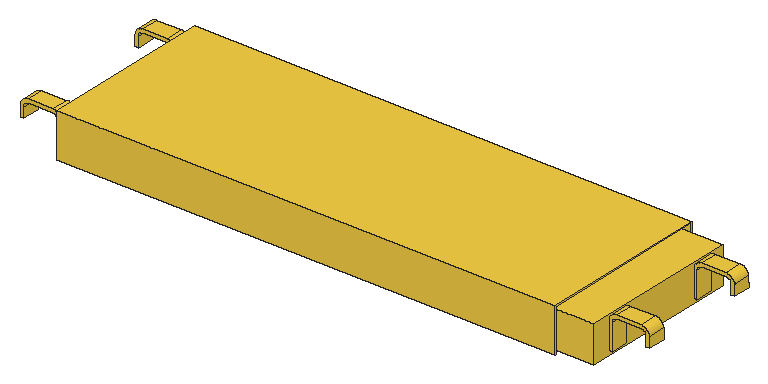
Revit family "EXTENDING PLATFORM 1-1,6_2067035", category Generic Models, Revit 2018
Family settings
  Can host rebar = No
  Round Connector Dimension = Use Diameter
  Part Type = Normal
  OmniClass Number = 35.51.17.00
  OmniClass Title = SCAFFOLDING SHORING AND FENCING
  Work Plane-Based = Yes
  Always vertical = No
  Cut with Voids When Loaded = No
  Shared = Yes
  Room Calculation Point = No
Parameters (values of type "EXTENDING PLATFORM 1-1,6_2067035")
  VERSION = "20190101"  # constant formula
  URL = "www.ulmaconstruction.com/en"
  UNICLASS = ""
  Model = ""
  MIN LENGTH = 1000.00 mm
  MAX LENGTH = 1600.00 mm
  LENGTH [instance] = 1000.00 mm
  ITEM_LENGTH [instance] = if(LENGTH < MIN LENGTH, MIN LENGTH, if(LENGTH < MAX LENGTH, LENGTH, MAX LENGTH))  # 1000.00 mm
  Manufacturer = "ULMA CONSTRUCTION"  # constant formula
  ITEM_CODE = "2067035"
  FILTER [instance] = ""
  Default Elevation = 0.00 mm
  CLASSIFICATION_TITLE = ""
  CLASSIFICATION_NUMBER = ""
Reference planes
  plane 1 "Centro (Frontal/Posterior)": y = 0
  plane 2: z = 0
  plane 3 "Centro (Izquierda/Derecha)": x = 0
  plane 4 "ITEM_LENGTH": x = 1000
  plane 5 "LENGTH": x = 1000
  plane 6 "SIDE": y = 300
  plane 7 "EXTERIOR PLATFORM START": x = 35.5
  plane 8 "EXTERIOR PLATFORM END": x = 903.5
  plane 9 "INSIDE PLATFORM START": x = 964.5
  plane 10 "INSIDE PLATFORM END": x = 92.5
  plane 11 "HOOK": x = 964.5
  plane 12 "HOOK": x = 2961.25
Forms (mm)
  Extrusion 1, solid, material "ULMA YELLOW", detail levels medium+fine
    sketch origin (-3.25, 190, -17) x (1, 0, 0) y (0, 0, 1)
      loop
        line (32.75, 24) -> (32.75, -22) -> (38.75, -22) -> (38.75, 24)
        arc (38.75, 24) -> (34.649, 33.899) -> (24.75, 38) r 14
        line (24.75, 38) -> (-18.25, 38)
        arc (-18.25, 38) -> (-28.149, 33.899) -> (-32.25, 24) r 14
        line (-32.25, 24) -> (-32.25, 6) -> (-26.25, 6) -> (-26.25, 24)
        arc (-26.25, 24) -> (-23.907, 29.657) -> (-18.25, 32) r 8
        line (-18.25, 32) -> (24.75, 32)
        arc (24.75, 32) -> (30.407, 29.657) -> (32.75, 24) r 8
    from 150.529 to 180.529
  Extrusion 2, solid, material "ULMA YELLOW", detail levels medium+fine
    sketch origin (-3.25, 340, -17) x (1, 0, 0) y (0, 0, 1)
      loop
        line (32.75, 24) -> (32.75, -22) -> (38.75, -22) -> (38.75, 24)
        arc (38.75, 24) -> (34.649, 33.899) -> (24.75, 38) r 14
        line (24.75, 38) -> (-18.25, 38)
        arc (-18.25, 38) -> (-28.149, 33.899) -> (-32.25, 24) r 14
        line (-32.25, 24) -> (-32.25, 6) -> (-26.25, 6) -> (-26.25, 24)
        arc (-26.25, 24) -> (-23.907, 29.657) -> (-18.25, 32) r 8
        line (-18.25, 32) -> (24.75, 32)
        arc (24.75, 32) -> (30.407, 29.657) -> (32.75, 24) r 8
    from 50.029 to 80.029
  Extrusion 3, solid, material "ULMA YELLOW", detail levels medium+fine
    sketch origin (1003.25, 189.998, -17) x (-1, 0, 0) y (0, 0, -1)
      loop
        arc (32.75, -24) -> (30.407, -29.657) -> (24.75, -32) r 8
        line (24.75, -32) -> (-18.25, -32)
        arc (-18.25, -32) -> (-23.907, -29.657) -> (-26.25, -24) r 8
        line (-26.25, -24) -> (-26.25, -6) -> (-32.25, -6) -> (-32.25, -24)
        arc (-32.25, -24) -> (-28.149, -33.899) -> (-18.25, -38) r 14
        line (-18.25, -38) -> (24.75, -38)
        arc (24.75, -38) -> (34.649, -33.899) -> (38.75, -24) r 14
        line (38.75, -24) -> (38.75, 22) -> (32.75, 22) -> (32.75, -24)
    from 117.778 to 147.778
  Extrusion 4, solid, material "ULMA YELLOW", detail levels medium+fine
    sketch origin (1003.25, 339.998, -17) x (-1, 0, 0) y (0, 0, -1)
      loop
        arc (32.75, -24) -> (30.407, -29.657) -> (24.75, -32) r 8
        line (24.75, -32) -> (-18.25, -32)
        arc (-18.25, -32) -> (-23.907, -29.657) -> (-26.25, -24) r 8
        line (-26.25, -24) -> (-26.25, -6) -> (-32.25, -6) -> (-32.25, -24)
        arc (-32.25, -24) -> (-28.149, -33.899) -> (-18.25, -38) r 14
        line (-18.25, -38) -> (24.75, -38)
        arc (24.75, -38) -> (34.649, -33.899) -> (38.75, -24) r 14
        line (38.75, -24) -> (38.75, 22) -> (32.75, 22) -> (32.75, -24)
    from 82.778 to 112.778
  Extrusion 5, solid, material "ULMA YELLOW", not visible, detail levels medium+fine
    sketch origin (3000, 189.998, 0) x (-1, 0, 0) y (0, 0, -1)
      loop
        arc (32.75, -24) -> (30.407, -29.657) -> (24.75, -32) r 8
        line (24.75, -32) -> (-18.25, -32)
        arc (-18.25, -32) -> (-23.907, -29.657) -> (-26.25, -24) r 8
        line (-26.25, -24) -> (-26.25, -6) -> (-32.25, -6) -> (-32.25, -24)
        arc (-32.25, -24) -> (-28.149, -33.899) -> (-18.25, -38) r 14
        line (-18.25, -38) -> (24.75, -38)
        arc (24.75, -38) -> (34.649, -33.899) -> (38.75, -24) r 14
        line (38.75, -24) -> (38.75, 22) -> (32.75, 22) -> (32.75, -24)
    from 117.778 to 147.778
  Extrusion 6, solid, material "ULMA YELLOW", not visible, detail levels medium+fine
    sketch origin (3000, 339.998, 0) x (-1, 0, 0) y (0, 0, -1)
      loop
        arc (32.75, -24) -> (30.407, -29.657) -> (24.75, -32) r 8
        line (24.75, -32) -> (-18.25, -32)
        arc (-18.25, -32) -> (-23.907, -29.657) -> (-26.25, -24) r 8
        line (-26.25, -24) -> (-26.25, -6) -> (-32.25, -6) -> (-32.25, -24)
        arc (-32.25, -24) -> (-28.149, -33.899) -> (-18.25, -38) r 14
        line (-18.25, -38) -> (24.75, -38)
        arc (24.75, -38) -> (34.649, -33.899) -> (38.75, -24) r 14
        line (38.75, -24) -> (38.75, 22) -> (32.75, 22) -> (32.75, -24)
    from 82.778 to 112.778
  Extrusion 7, solid, material "ULMA YELLOW", not visible, detail levels medium+fine
    sketch origin (0, 190, 0) x (1, 0, 0) y (0, 0, 1)
      loop
        line (32.75, 24) -> (32.75, -22) -> (38.75, -22) -> (38.75, 24)
        arc (38.75, 24) -> (34.649, 33.899) -> (24.75, 38) r 14
        line (24.75, 38) -> (-18.25, 38)
        arc (-18.25, 38) -> (-28.149, 33.899) -> (-32.25, 24) r 14
        line (-32.25, 24) -> (-32.25, 6) -> (-26.25, 6) -> (-26.25, 24)
        arc (-26.25, 24) -> (-23.907, 29.657) -> (-18.25, 32) r 8
        line (-18.25, 32) -> (24.75, 32)
        arc (24.75, 32) -> (30.407, 29.657) -> (32.75, 24) r 8
    from 150.529 to 180.529
  Extrusion 8, solid, material "ULMA YELLOW", not visible, detail levels medium+fine
    sketch origin (0, 340, 0) x (1, 0, 0) y (0, 0, 1)
      loop
        line (32.75, 24) -> (32.75, -22) -> (38.75, -22) -> (38.75, 24)
        arc (38.75, 24) -> (34.649, 33.899) -> (24.75, 38) r 14
        line (24.75, 38) -> (-18.25, 38)
        arc (-18.25, 38) -> (-28.149, 33.899) -> (-32.25, 24) r 14
        line (-32.25, 24) -> (-32.25, 6) -> (-26.25, 6) -> (-26.25, 24)
        arc (-26.25, 24) -> (-23.907, 29.657) -> (-18.25, 32) r 8
        line (-18.25, 32) -> (24.75, 32)
        arc (24.75, 32) -> (30.407, 29.657) -> (32.75, 24) r 8
    from 50.029 to 80.029
  Extrusion 9, solid, material "ULMA YELLOW", detail levels medium+fine
    sketch origin (940, 150.002, 0) x (1, 0, 0) y (0, 1, 0)
      loop
        line (-847.5, 139.998) -> (-847.5, -140.002) -> (24.5, -140.002) -> (24.5, 139.998) -> (-847.5, 139.998)
    from -47.5 to 16.5
  Extrusion 10, solid, material "ULMA YELLOW", detail levels medium+fine
    sketch origin (0, 0, 0) x (0, 1, 0) y (0, 0, 1)
      loop
        line (0, -49.499) -> (2, -49.499) -> (2, 25.5) -> (298, 25.5) -> (298, -49.499) -> (300, -49.499) -> (300, 27.5) -> (0, 27.5) -> (0, -49.499)
    from 35.5 to 903.5
Lines and regions (mm)
  model lines, style "ULMA WORKING PLATFORMS", detail levels coarse
    curve 1: line (0, 0, 0) -> (1000, 0, 0)
    curve 2: line (0, 300, 0) -> (0, 0, 0)
    curve 3: line (1000, 300, 0) -> (0, 300, 0)
    curve 4: line (1000, 0, 0) -> (1000, 300, 0)
Dimensions and locks
  "ITEM_LENGTH": plane 3 "Centro (Izquierda/Derecha)" to plane 4 "ITEM_LENGTH"
  "LENGTH": plane 3 "Centro (Izquierda/Derecha)" to plane 5 "LENGTH"
  locked: plane 6 "SIDE" to plane 1 "Centro (Frontal/Posterior)" at 300
  locked: plane 3 "Centro (Izquierda/Derecha)" to plane 7 "EXTERIOR PLATFORM START" at 35.5
  locked: plane 7 "EXTERIOR PLATFORM START" to plane 8 "EXTERIOR PLATFORM END" at 868
  locked: plane 9 "INSIDE PLATFORM START" to plane 4 "ITEM_LENGTH" at 35.5
  locked: plane 10 "INSIDE PLATFORM END" to plane 9 "INSIDE PLATFORM START" at 872
  aligned and locked: level to plane 2
  aligned and locked: Extrusion 3 to Extrusion 1
  aligned and locked: plane 1 "Centro (Frontal/Posterior)" to curve 1
  aligned and locked: curve 2 to plane 3 "Centro (Izquierda/Derecha)"
  aligned and locked: plane 6 "SIDE" to curve 3
  aligned and locked: plane 4 "ITEM_LENGTH" to curve 4
  aligned and locked: plane 9 "INSIDE PLATFORM START" to Extrusion 9
  aligned and locked: Extrusion 9 to plane 10 "INSIDE PLATFORM END"
  aligned and locked: plane 9 "INSIDE PLATFORM START" to plane 11 "HOOK"
  aligned and locked: Extrusion 10 to Extrusion 1
  aligned and locked: plane 8 "EXTERIOR PLATFORM END" to Extrusion 10
Automatic sketch dimensions
  Extrusion 9 sketch curve to plane 1 "Centro (Frontal/Posterior)" = 10.00 mm
  Extrusion 9 sketch curve to plane 8 "EXTERIOR PLATFORM END" = 811.00 mm
  Extrusion 9 sketch curve to plane 4 "ITEM_LENGTH" = 35.50 mm
  Extrusion 9 sketch curve to plane 6 "SIDE" = 10.00 mm
  Extrusion 10 sketch curve to plane 1 "Centro (Frontal/Posterior)" = 0.00 mm
  Extrusion 10 sketch curve to plane 6 "SIDE" = 0.00 mm
  Extrusion 10 sketch curve to plane 1 "Centro (Frontal/Posterior)" = 2.00 mm
  Extrusion 10 sketch curve to plane 6 "SIDE" = 2.00 mm
  Extrusion 10 sketch curve to level = 49.499 mm  (x2)
  level to Extrusion 10 sketch curve = 25.50 mm
  Extrusion 10 sketch curve to Extrusion 10 sketch curve = 2.00 mm
